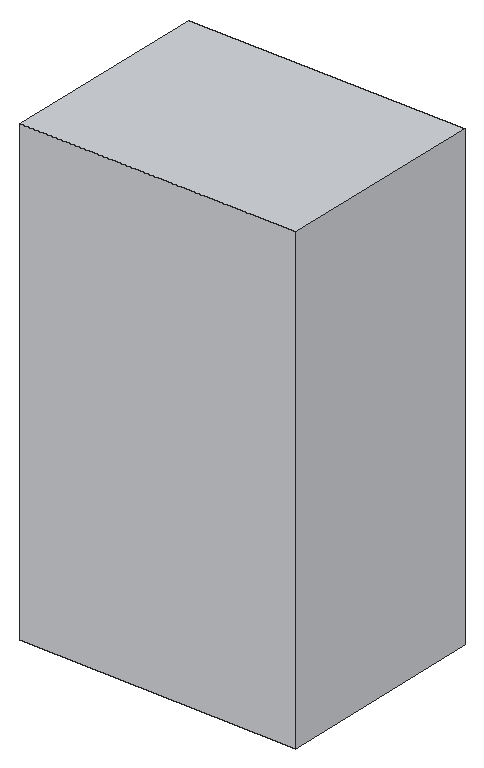
Revit family
Parameters
  Warranty Duration (Years) = 0
  Unit Width [instance] = 1' - 8 177/256"
  Unit Height [instance] = 0' - 9 99/256"
  Unit Depth = 0' - 0"
  URL = "http://www.americanspecialties.com/viewCategories.cfm"
  Trim Material = Metal - Stainless Steel
  Test Data = ""
  Specification = "http://www.arcat.com/sdspecs/htm/10810asi.htm"
  SpecWizard = ""
  Send Message = "http://www.arcat.com/users.pl?action=UserEmail&company=American%20Specialties,%20Inc.&coid=30448&rep=139&fax=914-476-0688&mf="
  Sales Information = "http://www.americanspecialties.com/contact"
  Revision = "R1_10-2010"
  Product Properties = "http://www.americanspecialties.com/datasheets/1003.pdf"
  Product Data = "http://www.arcat.com/arcatcos/cos30/arc30448.html"
  Model = "As Specified in 10 28 13"
  Manufacturer Website = "http://www.americanspecialties.com/viewCategories.cfm"
  Manufacturer Phone - Toll Free = ""
  Manufacturer Phone = "914-476-9000 "
  Manufacturer Fax = "914-476-0688"
  Manufacturer Address = "441 Saw Mill River Rd., Yonkers, NY 10701"
  Manufacturer = "American Specialties, Inc."
  Maintenance Schedule (Months) = 0
  Keynote = "10 28 13"
  Installation-Fabrication = "http://www.americanspecialties.com/products.cfm"
  Green Building-LEED = ""
  Expected Lifespan (Years) = 0
  Drawn By = "Robert S. Weygant. CSI, CDT, SCIP"  # constant formula
  Description = "Toilet Accessory as Specified in 10 28 13"
  Default Elevation = 4' - 0"
  Copyright = "©Arcat Inc."
  Construction Details = "http://www.arcat.com/green/clients/leed_data_30448.html"
  Building Codes = "http://www.americanspecialties.com/products.cfm"
  Body Material = Metal - Stainless Steel
  Assembly Code = "C1030210"
Reference planes (in)
  plane 1 "Center (Front/Back)": y = -0.29112
  plane 2 "Floor Line": z = 0
  plane 3 "Center (Left/Right)": x = -0.65843
Forms (in)
  Extrusion 1, solid
    sketch origin (-3, -9, -6) x (0, 0, -1) y (1, 0, 0)
      loop
        line (-82, 26) -> (-82, -19.34712) -> (-6, -19.34712) -> (-6, 26) -> (-82, 26)
    from 9 to -25.60721
  Extrusion 2, solid, material "Metal - Stainless Steel" <- "Body Material"
    sketch origin (0, 0, 0) x (1, 0, 0) y (0, 1, 0)
      loop
        line (-7.78343, 4.70888) -> (-7.78343, -5.29112) -> (6.46657, -5.29112) -> (6.46657, 4.70888) -> (-7.78343, 4.70888)
      loop
        line (-5.90843, 3.70888) -> (-5.90843, -4.29112) -> (4.59157, -4.29112) -> (4.59157, 3.70888) -> (-5.90843, 3.70888)
    from 0 to 0.09375
  Extrusion 3, solid, material "Metal - Stainless Steel" <- "Body Material"
    sketch origin (0, 0, 0) x (1, 0, 0) y (0, 1, 0)
      loop
        line (-5.90843, 3.70888) -> (-5.90843, -4.29112) -> (4.59157, -4.29112) -> (4.59157, 3.70888) -> (-5.90843, 3.70888)
    from 0 to 0.09375
  Extrusion 4, solid, material "Metal - Stainless Steel" <- "Trim Material"
    sketch origin (0, 0.25, 0) x (1, 0, 0) y (0, 1, 0)
      loop
        circle (3.08882, -3.32361) r 0.75
    from 0.09375 to 0.125
Dimensions and locks (in)
  aligned and locked: Extrusion 1 to level
  aligned and locked: Extrusion 2 to Extrusion 3 sketch curve  (x2)
  aligned and locked: Extrusion 4 to Extrusion 2
  aligned and locked: Extrusion 3 to Extrusion 2  (x2)
